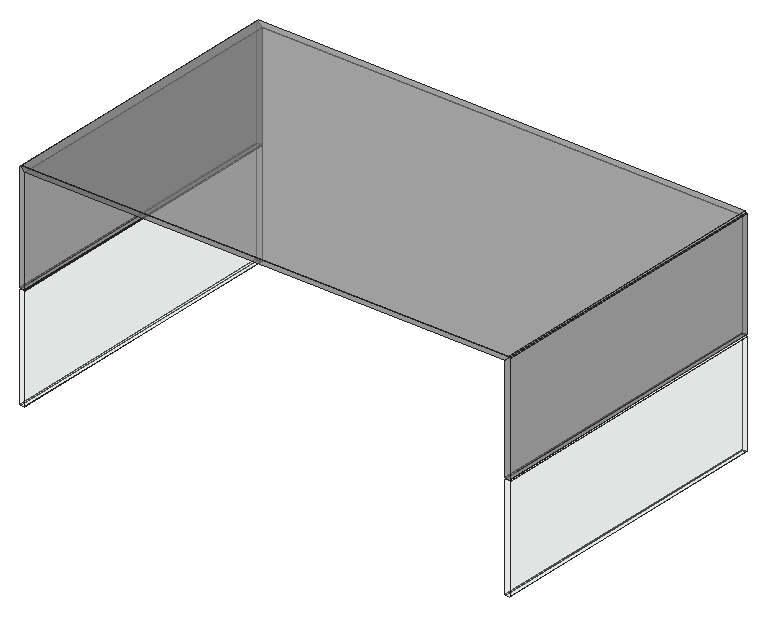
Revit family "Haworth_Smoke_Table", category Furniture, Revit 2018
Family settings
  OmniClass Number = 23.40.70.14.64.21
  OmniClass Title = Systems Furniture
  Work Plane-Based = No
  Always vertical = Yes
  Cut with Voids When Loaded = No
  Shared = No
  Room Calculation Point = No
Parameters (values of type "HCCE-SMK - Rectangle")
  Warranty = "http://www.haworth.com/resources/product-info/warranties"
  Table Finish = Haworth _ Glass _ Smoked
  Table Edge Finish = Haworth _ Glass _ Clear
  Square = not(Rectangle)  # no
  Side Bottom Height = 8 5/16"  # constant formula
  Rectangle = yes
  Product Page URL = "https://www.haworth.com/na/en/products/side-occasional/smoke.html"
  Model = "HCCE-SMK"  # constant formula
  URL = "http://www.haworth.com/our-brands/haworth-collection"
  Revision Number = "4"  # constant formula
  Manufacturer = "Haworth"  # constant formula
  Description = "Haworth Table Smoke"  # constant formula
  Chamfer = 1/16"  # constant formula
  Author = "Haworth (Hampton)"  # constant formula
  Assembly Code = "E2020200"
  Actual Width = 39 1/4"  # constant formula
  Actual Height = 17 1/4"  # constant formula
  Table Top Thickness = 7/16"  # constant formula
  Actual Depth = if(Rectangle, 23 3/4", 39 1/4")  # 23 3/4"
Types (3): name | Square | Rectangle | Actual Depth
  (no name) | no | yes | 23 3/4"
  HCCE-SMK - Square | yes | no | 39 1/4"
  HCCE-SMK - Rectangle | no | yes | 23 3/4"
Reference planes (in)
  plane 1 "Center F/B": y = -0.15866
  plane 2 "Floor": z = 0
  plane 3 "Center L/R": x = 0
  plane 4 "Table Edge Left": x = -19.625
  plane 5 "Table Edge Right": x = 19.625
  plane 6 "Table Edge Back": y = -12.03366
  plane 7 "Table Edge Front": y = 11.71634
  plane 8 "Table Top Top": z = 17.25
  plane 9 "Left Support Location": x = -19.1875
  plane 10 "Right Support Location": x = 19.1875
  plane 11 "Table Top Bottom": z = 16.8125
  plane 12 "Glide Top": z = 0.0625
  plane 13 "Chamfer Top": z = 17.1875
  plane 14 "Chamfer Bottom": z = 16.875
  plane 15 "Side Seam Middle": z = 8.375
  plane 16 "Side Chamfer Top": z = 8.4375
  plane 17 "Side Chamfer Bottom": z = 8.3125
  plane 18 "Chamfer 1": x = -19.5625
  plane 19 "Chamfer 2": x = -19.25
  plane 20 "Chamfer 3": x = 19.25
  plane 21 "Chamfer 4": x = 19.5625
  plane 22 "Chamfer 5": z = 17.125
  plane 23 "Chamfer 6": x = -19.5
  plane 24 "Chamfer 7": x = 19.5
Forms (in)
  Extrusion 1, solid, material "Haworth _ Glass _ Smoked" <- "Table Finish"
    sketch origin (0, -11.22116, 0) x (-1, 0, 0) y (0, 0, 1)
      loop
        line (19.5, 17.25) -> (-19.5, 17.25) -> (-19.5625, 17.1875) -> (-19.1875, 16.8125) -> (19.1875, 16.8125) -> (19.5625, 17.1875) -> (19.5, 17.25)
    from -0.8125 to 22.9375
  Extrusion 2, solid, material "Haworth _ Glass _ Smoked" <- "Table Finish"
    sketch origin (0, -11.22116, 0) x (-1, 0, 0) y (0, 0, 1)
      loop
        line (19.5625, 8.375) -> (19.625, 8.4375) -> (19.625, 17.125) -> (19.5625, 17.1875) -> (19.1875, 16.8125) -> (19.1875, 8.4375) -> (19.25, 8.375) -> (19.5625, 8.375)
    from -0.8125 to 22.9375
  Extrusion 3, solid, material "Haworth _ Glass _ Smoked" <- "Table Finish"
    sketch origin (0, -11.22116, 0) x (1, 0, 0) y (0, 0, -1)
      loop
        line (19.5625, -8.375) -> (19.25, -8.375) -> (19.1875, -8.4375) -> (19.1875, -16.8125) -> (19.5625, -17.1875) -> (19.625, -17.125) -> (19.625, -8.4375) -> (19.5625, -8.375)
    from -0.8125 to 22.9375
  Extrusion 4, solid, material "Haworth _ Glass _ Clear" <- "Table Edge Finish"
    sketch origin (0, -11.22116, 0) x (-1, 0, 0) y (0, 0, 1)
      loop
        line (19.1875, 8.3125) -> (19.1875, 0.0625) -> (19.25, 0) -> (19.5625, 0) -> (19.625, 0.0625) -> (19.625, 8.3125) -> (19.5625, 8.375) -> (19.25, 8.375) -> (19.1875, 8.3125)
    from -0.8125 to 22.9375
  Extrusion 5, solid, material "Haworth _ Glass _ Clear" <- "Table Edge Finish"
    sketch origin (0, -11.22116, 0) x (1, 0, 0) y (0, 0, -1)
      loop
        line (19.1875, -8.3125) -> (19.25, -8.375) -> (19.5625, -8.375) -> (19.625, -8.3125) -> (19.625, -0.0625) -> (19.5625, 0) -> (19.25, 0) -> (19.1875, -0.0625) -> (19.1875, -8.3125)
    from -0.8125 to 22.9375
Lines and regions (in)
  Masking region 1
    outline origin (0, 0, 27) x (0, -1, 0) y (1, 0, 0)
      loop
        line (-11.71634, -19.625) -> (12.03366, -19.625) -> (12.03366, 19.625) -> (-11.71634, 19.625) -> (-11.71634, -19.625)
  symbolic lines, detail levels fine
    curve 1: line (-19.1875, 11.71634, 28.70313) -> (-19.1875, -12.03366, 28.70313)
    curve 2: line (19.1875, -12.03366, 28.70313) -> (19.1875, 11.71634, 28.70313)
Dimensions and locks (in)
  "Actual Depth": plane 7 "Table Edge Front" to plane 6 "Table Edge Back"
  "Actual Width": plane 4 "Table Edge Left" to plane 5 "Table Edge Right"
  equal spacing: plane 4 "Table Edge Left", plane 3 "Center L/R", plane 5 "Table Edge Right"
  equal spacing: plane 7 "Table Edge Front", plane 1 "Center F/B", plane 6 "Table Edge Back"
  "Actual Height": plane 8 "Table Top Top" to level
  "Table Top Thickness": plane 4 "Table Edge Left" to plane 9 "Left Support Location"
  "Table Top Thickness": plane 10 "Right Support Location" to plane 5 "Table Edge Right"
  "Table Top Thickness": plane 8 "Table Top Top" to plane 11 "Table Top Bottom"
  "Chamfer": plane 12 "Glide Top" to plane 2 "Floor"
  "Chamfer": plane 14 "Chamfer Bottom" to plane 11 "Table Top Bottom"
  "Chamfer": plane 8 "Table Top Top" to plane 13 "Chamfer Top"
  "Side Bottom Height": plane 15 "Side Seam Middle" to plane 12 "Glide Top"
  "Chamfer": plane 15 "Side Seam Middle" to plane 17 "Side Chamfer Bottom"
  "Chamfer": plane 16 "Side Chamfer Top" to plane 15 "Side Seam Middle"
  "Chamfer": plane 18 "Chamfer 1" to plane 4 "Table Edge Left"
  "Chamfer": plane 9 "Left Support Location" to plane 19 "Chamfer 2"
  "Chamfer": plane 20 "Chamfer 3" to plane 10 "Right Support Location"
  "Chamfer": plane 5 "Table Edge Right" to plane 21 "Chamfer 4"
  "Chamfer": plane 23 "Chamfer 6" to plane 18 "Chamfer 1"
  "Chamfer": plane 13 "Chamfer Top" to plane 22 "Chamfer 5"
  "Chamfer": plane 21 "Chamfer 4" to plane 24 "Chamfer 7"
  aligned and locked: plane 4 "Table Edge Left" to Masking region 1 sketch curve
  aligned and locked: Masking region 1 sketch curve to plane 7 "Table Edge Front"
  aligned and locked: plane 7 "Table Edge Front" to curve 1
  aligned and locked: plane 6 "Table Edge Back" to curve 1
  aligned and locked: plane 6 "Table Edge Back" to curve 2
  aligned and locked: plane 7 "Table Edge Front" to curve 2
  aligned and locked: Extrusion 1 sketch curve to plane 11 "Table Top Bottom"
  aligned and locked: plane 10 "Right Support Location" to Extrusion 1 sketch curve
  aligned and locked: plane 9 "Left Support Location" to Extrusion 1 sketch curve
  aligned and locked: plane 8 "Table Top Top" to Extrusion 1 sketch curve
  aligned and locked: plane 18 "Chamfer 1" to Extrusion 1 sketch curve
  aligned and locked: plane 13 "Chamfer Top" to Extrusion 1 sketch curve  (x2)
  aligned and locked: plane 11 "Table Top Bottom" to Extrusion 1 sketch curve
  aligned and locked: plane 21 "Chamfer 4" to Extrusion 1 sketch curve
  aligned and locked: plane 24 "Chamfer 7" to Extrusion 1 sketch curve
  aligned and locked: plane 23 "Chamfer 6" to Extrusion 1 sketch curve
  aligned and locked: Extrusion 1 sketch curve to plane 8 "Table Top Top"
  aligned and locked: Extrusion 1 to plane 6 "Table Edge Back"
  aligned and locked: plane 7 "Table Edge Front" to Extrusion 1
  aligned and locked: plane 18 "Chamfer 1" to Extrusion 2 sketch curve  (x2)
  aligned and locked: plane 15 "Side Seam Middle" to Extrusion 2 sketch curve  (x2)
  aligned and locked: plane 19 "Chamfer 2" to Extrusion 2 sketch curve
  aligned and locked: plane 9 "Left Support Location" to Extrusion 2 sketch curve  (x2)
  aligned and locked: Extrusion 2 sketch curve to plane 4 "Table Edge Left"
  aligned and locked: plane 4 "Table Edge Left" to Extrusion 2 sketch curve
  aligned and locked: plane 16 "Side Chamfer Top" to Extrusion 2 sketch curve  (x2)
  aligned and locked: plane 11 "Table Top Bottom" to Extrusion 2 sketch curve
  aligned and locked: plane 13 "Chamfer Top" to Extrusion 2 sketch curve
  aligned and locked: plane 22 "Chamfer 5" to Extrusion 2 sketch curve
  aligned and locked: Extrusion 2 to plane 6 "Table Edge Back"
  aligned and locked: plane 7 "Table Edge Front" to Extrusion 2
  aligned and locked: Extrusion 3 sketch curve to plane 5 "Table Edge Right"
  aligned and locked: plane 22 "Chamfer 5" to Extrusion 3 sketch curve
  aligned and locked: plane 21 "Chamfer 4" to Extrusion 3 sketch curve  (x2)
  aligned and locked: plane 13 "Chamfer Top" to Extrusion 3 sketch curve
  aligned and locked: plane 11 "Table Top Bottom" to Extrusion 3 sketch curve
  aligned and locked: plane 10 "Right Support Location" to Extrusion 3 sketch curve  (x2)
  aligned and locked: plane 16 "Side Chamfer Top" to Extrusion 3 sketch curve  (x2)
  aligned and locked: plane 20 "Chamfer 3" to Extrusion 3 sketch curve
  aligned and locked: plane 15 "Side Seam Middle" to Extrusion 3 sketch curve  (x2)
  aligned and locked: plane 5 "Table Edge Right" to Extrusion 3 sketch curve
  aligned and locked: Extrusion 3 to plane 6 "Table Edge Back"
  aligned and locked: plane 7 "Table Edge Front" to Extrusion 3
  aligned and locked: plane 15 "Side Seam Middle" to Extrusion 4 sketch curve  (x2)
  aligned and locked: plane 18 "Chamfer 1" to Extrusion 4 sketch curve  (x2)
  aligned and locked: plane 19 "Chamfer 2" to Extrusion 4 sketch curve  (x2)
  aligned and locked: plane 9 "Left Support Location" to Extrusion 4 sketch curve  (x2)
  aligned and locked: plane 17 "Side Chamfer Bottom" to Extrusion 4 sketch curve  (x2)
  aligned and locked: level to Extrusion 4 sketch curve
  aligned and locked: plane 2 "Floor" to Extrusion 4 sketch curve
  aligned and locked: plane 12 "Glide Top" to Extrusion 4 sketch curve  (x2)
  aligned and locked: plane 4 "Table Edge Left" to Extrusion 4 sketch curve
  aligned and locked: Extrusion 4 sketch curve to plane 4 "Table Edge Left"
  aligned and locked: Extrusion 4 to plane 6 "Table Edge Back"
  aligned and locked: plane 7 "Table Edge Front" to Extrusion 4
  aligned and locked: plane 21 "Chamfer 4" to Extrusion 5 sketch curve  (x2)
  aligned and locked: plane 15 "Side Seam Middle" to Extrusion 5 sketch curve  (x2)
  aligned and locked: plane 20 "Chamfer 3" to Extrusion 5 sketch curve  (x2)
  aligned and locked: plane 10 "Right Support Location" to Extrusion 5 sketch curve  (x2)
  aligned and locked: Extrusion 5 sketch curve to plane 5 "Table Edge Right"
  aligned and locked: plane 17 "Side Chamfer Bottom" to Extrusion 5 sketch curve  (x2)
  aligned and locked: plane 12 "Glide Top" to Extrusion 5 sketch curve  (x2)
  aligned and locked: level to Extrusion 5 sketch curve  (x2)
  aligned and locked: Extrusion 5 to plane 6 "Table Edge Back"
  aligned and locked: plane 7 "Table Edge Front" to Extrusion 5
Automatic sketch dimensions
  Masking region 1 sketch curve to plane 6 "Table Edge Back" = 0"
  Masking region 1 sketch curve to plane 5 "Table Edge Right" = 0"
  curve 2 to plane 10 "Right Support Location" = 0"
  curve 1 to plane 9 "Left Support Location" = 0"
